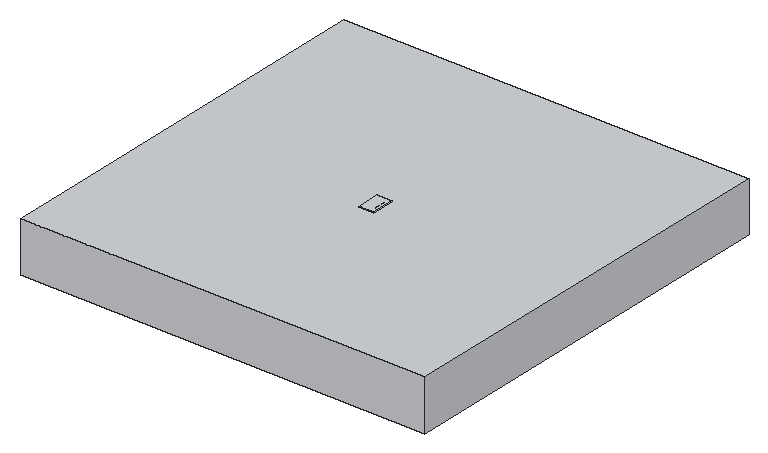
Revit family "M_Sensor de presença de parede - Voltagem normal", category Dispositivos de iluminação, Revit 2019
Family settings
  Hospedeiro = Face
  Manter orientação da anotação = Sim
  Cota do conector redondo = Utilizar diâmetro
  Tipo de parte = Interruptor
  Número OmniClass = 23.85.80.11.27
  Título OmniClass = Lighting Controls
  ID de item do Seek = Wall Occupancy Sensor - Regular Voltage-0000-CAN-ENU
  Corte com vazios quando carregada = Não
  Compartilhado = Não
  Ponto de cálculo do ambiente = Não
Parameters (values of type "Ultra sônico - 277 V")
  Largura 1 = 2 * Largura do sensor  # 90 mm
  Voltagem do sensor = 277 V
  Número de pólos do sensor = 1
  Material do sensor = none
  Classificação de carga = Outros
  Comprimento 1 = 2 * Comprimento do sensor  # 138 mm
  Altura 1 = 1 / 16 * Altura do sensor  # 2.875 mm
  Elevação-padrão = 1200 mm
  Largura do sensor = 45 mm
  Material do recobrimento = none
  Comprimento do sensor = 69 mm
  Altura do sensor = 46 mm
  Carga aparente = 0 VA
Types (7, lengths in mm): name | Voltagem do sensor
  (no name) | 277 V
  Infravermelho passivo - 120 V | 120 V
  Ultra sônico - 120 V | 120 V
  Tecnologia dual - 120 V | 120 V
  Infravermelho passivo - 277 V | 277 V
  Ultra sônico - 277 V | 277 V
  Tecnologia dual - 277 V | 277 V
Reference planes
  plane 1 "Centro (Frente/Trás)": y = 0
  plane 2: z = 0
  plane 3 "Centro (Esquerda/Direita)": x = 0
  plane 4: x = -22.5
  plane 5: x = 22.5
  plane 6: x = -45
  plane 7: x = 45
  plane 8: z = -46
  plane 9: z = 2.875
  plane 10: y = -69
  plane 11: y = -34.5
  plane 12: y = -138
  plane 13: y = -103.5
Forms (mm)
  Extrusion 1, solid
    sketch origin (0, 0, 0) x (1, 0, 0) y (0, 1, 0)
      loop
        line (-1219.2, 1219.2) -> (-1219.2, -1219.2) -> (1219.2, -1219.2) -> (1219.2, 1219.2) -> (-1219.2, 1219.2)
    from 0 to -304.8
  Extrusion 2, solid, material <- "Material do sensor"
    sketch origin (0, 0, 0) x (1, 0, 0) y (0, 1, 0)
      loop
        line (-22.5, -34.5) -> (-22.5, -103.5) -> (22.5, -103.5) -> (22.5, -34.5) -> (-22.5, -34.5)
    from -46 to 0
  Extrusion 3, solid, material <- "Material do recobrimento"
    sketch origin (0, 0, 0) x (1, 0, 0) y (0, 1, 0)
      loop
        line (-45, 0) -> (-45, -138) -> (45, -138) -> (45, 0) -> (-45, 0)
    from 0 to 2.875
Lines and regions (mm)
  symbolic lines, detail levels fine
    curve 1: line (-45, 0, 2.875) -> (45, 0, 2.875)
    curve 2: line (45, 0, 2.875) -> (45, 0, 0)
    curve 3: line (45, 0, 0) -> (-45, 0, 0)
    curve 4: line (-45, 0, 0) -> (-45, 0, 2.875)
    curve 5: line (-22.5, 0, 0) -> (-22.5, 0, -46)
    curve 6: line (-22.5, 0, -46) -> (22.5, 0, -46)
    curve 7: line (22.5, 0, -46) -> (22.5, 0, 0)
Dimensions and locks
  "Largura do sensor": plane 4 to plane 5
  equal spacing: plane 4, plane 3 "Centro (Esquerda/Direita)", plane 5
  equal spacing: plane 6, plane 3 "Centro (Esquerda/Direita)", plane 7
  "Largura 1": plane 6 to plane 7
  "Altura do sensor": plane 2 to plane 8
  "Altura 1": plane 9 to plane 2
  "Comprimento 1": plane 12 to plane 1 "Centro (Frente/Trás)"
  equal spacing: plane 12, plane 10, plane 1 "Centro (Frente/Trás)"
  equal spacing: plane 11, plane 10, plane 13
  "Comprimento do sensor": plane 11 to plane 13
  aligned and locked: plane 2 to Extrusion 1
  aligned and locked: level to Extrusion 1
  aligned and locked: plane 4 to Extrusion 2 sketch curve  (x2)
  aligned and locked: plane 5 to Extrusion 2 sketch curve
  aligned and locked: plane 6 to Extrusion 3 sketch curve  (x2)
  aligned and locked: plane 7 to Extrusion 3 sketch curve
  aligned and locked: plane 8 to Extrusion 2
  aligned and locked: plane 2 to Extrusion 2
  aligned and locked: Extrusion 3 to plane 2
  aligned and locked: Extrusion 3 to plane 9
  aligned and locked: plane 9 to curve 1
  aligned and locked: plane 2 to curve 3
  aligned and locked: plane 7 to curve 3
  aligned and locked: plane 6 to curve 4
  aligned and locked: curve 5 to plane 4
  aligned and locked: curve 7 to plane 5
  aligned and locked: plane 8 to curve 6
  aligned and locked: Extrusion 3 to plane 1 "Centro (Frente/Trás)"
  aligned and locked: Extrusion 3 to plane 12
  aligned and locked: Extrusion 3 to plane 7
  aligned and locked: Extrusion 3 to plane 6
  aligned and locked: plane 1 "Centro (Frente/Trás)" to Extrusion 3 sketch curve
  aligned and locked: plane 12 to Extrusion 3 sketch curve
  aligned and locked: Extrusion 2 sketch curve to plane 11
  aligned and locked: Extrusion 2 sketch curve to plane 13
  aligned and locked: nested 1 to plane 10
  aligned and locked: plane 3 "Centro (Esquerda/Direita)" to nested 1
Automatic sketch dimensions
  Extrusion 1 sketch curve to Extrusion 1 sketch curve = 2438.4 mm  (x2)
Nested families
  nested 1: "M_Anotação do sensor de presença da parede" at (0, -69, 0), type "Anotação do sensor de presença de parede", detail levels coarse+medium
Connectors
  electrical at (0, -69, 0), driven by "Carga aparente", driven by "Voltagem do sensor", driven by "Número de pólos do sensor", driven by "Classificação de carga"
    settings: on Extrusion 2, index 1, voltage 277 V, apparent load 0 VA, apparent load phase1 0 VA, apparent load phase2 0 VA, apparent load phase3 0 VA, power factor 1, load classification "Outros", number of poles 1, system type 31, power factor state 1, is connector primary yes, connector utility no, sub classification motor no, connector description ""
  electrical at (0, -69, -46)
    settings: on Extrusion 2, index 2, voltage 0 V, apparent load 0 VA, apparent load phase1 0 VA, apparent load phase2 0 VA, apparent load phase3 0 VA, power factor 1, load classification "Outros", number of poles 1, system type 13, power factor state 1, is connector primary no, connector utility no, sub classification motor no, connector description ""
Definition of nested family "M_Anotação do sensor de presença da parede"
  Parameters
    Legenda = "OS"
  Reference planes
    plane 1: y = 0
    plane 2: x = 0
  Lines and regions (mm)
    detail lines
      curve 1: line (0, 3.175, 0) -> (0, 0, 0)
      curve 3: arc (0.383, 2.833, 0) -> (-0.62, 2.459, 0) -> (0, 1.587, 0) r 0.674
      curve 4: arc (0, 1.587, 0) -> (0.392, 0.545, 0) -> (-0.718, 0.631, 0) r 0.66
    reference lines
      curve 2: line (0, 1.587, 0) -> (-3.044, 1.588, 0)
      curve 5: line (2.564, -1.199, 0) -> (2.564, 2.384, 0)
      curve 6: line (2.564, -1.199, 0) -> (7.201, -1.199, 0)
      curve 7: line (2.564, 1.163, 0) -> (7.878, 1.163, 0)
  Text (mm)
    label "2" at (1.592, -0.127, 0), shows "Legenda"
  Dimensions and locks
    locked: curve 6 to curve 7 at 2.362
    locked: curve 1 to curve 5 at 2.564
    locked: curve 1 to curve 1 at 3.175
    locked: plane 1 to curve 2 at 1.588
    aligned and locked: curve 1 to curve 2
    aligned and locked: curve 3 to curve 2
    aligned and locked: curve 4 to curve 2
    aligned and locked: plane 1 to curve 1
    aligned and locked: curve 1 to plane 2
    aligned and locked: plane 2 to curve 1
